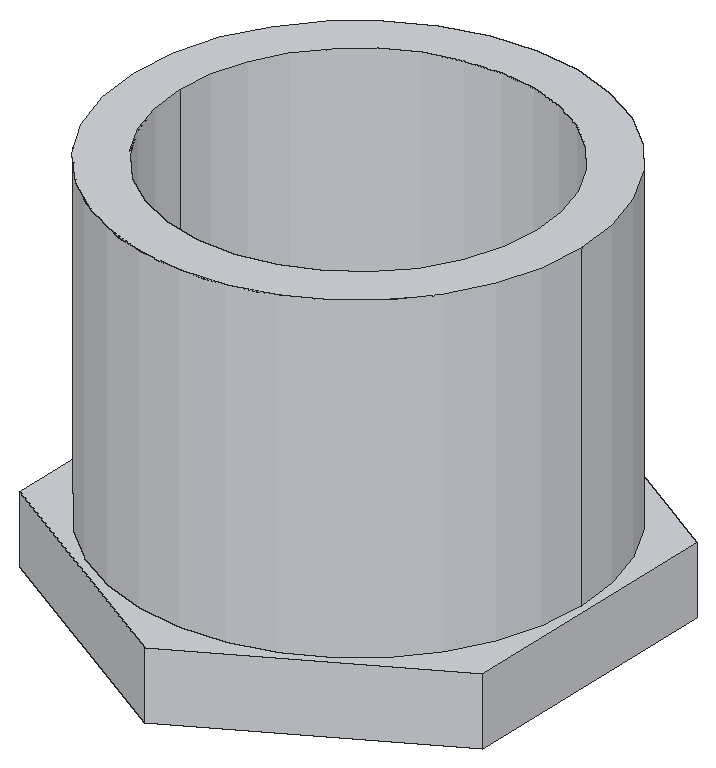
Revit family "HR1G", category Electrical Equipment, Revit 2017
Family settings
  Round Connector Dimension = Use Diameter
  Part Type = Panelboard
  Work Plane-Based = Yes
  Always vertical = No
  Cut with Voids When Loaded = No
  Shared = No
  Room Calculation Point = No
Parameters (values of type "NBS Standard Parameters")
  Weight = "0.017Kg"
  WarrantyStartDate [instance] = "1900-12-31T23:59:59"
  WarrantyGuarantorParts = "n/a"
  WarrantyGuarantorLabor = "n/a"
  WarrantyDurationUnit = "1 year"
  WarrantyDurationParts = "n/a"
  WarrantyDurationLabor = "n/a"
  WarrantyDescription = "n/a"
  Version = "1"
  Uniclass2 = "Pr_65_70_11_20"
  TagNumber [instance] = "n/a"
  SustainabilityPerformance = "n/a"
  Size = "20mm"
  Shape = "Circular"
  SerialNumber [instance] = "n/a"
  Revision = "n/a"
  ReplacementCost = "n/a"
  ProductInformation = "www.metpro.co.uk/pdf/hr1g.pdf"
  NominalWidth = 20.6 mm
  NominalLength = 20.6 mm
  NominalHeight = 17.3 mm
  Name = ""
  NBSTypeID = ""
  NBSReference = "90-55-10/460"
  NBSOfficeMasterTag = ""
  NBSNote = ""
  NBSDescription = "Conduit Fittings"
  NBSCertification = ""
  ModelReference = "HR1G"
  ModelNumber = "n/a"
  Material = "Mild Steel"
  ManufacturerURL = "www.metpro.co.uk"
  ManufacturerName = "Metpro Ltd"
  Keynote = "Compliant to LU Standard 1-085"
  InstallationDate [instance] = "1900-12-31T23:59:59"
  IfcExportType = ""
  IfcExportAs = ""
  Grade = "n/a"
  Finish = "BZP"
  Features = "n/a"
  ExpectedLife = "n/a"
  DurationUnit = "year"
  Description = "HR1G  20 - 16mm Conduit Reducer"
  Default Elevation = 1219.2 mm
  Constituents = "n/a"
  Color = "n/a"
  CodePerformance = "n/a"
  Category = "n/a"
  BarCode [instance] = "n/a"
  BIMObjectName = "Metpro_Metprolibrary_Conduitfittings_Metalcomponents_Steelaccessories"
  Author = "Metpro Limited"
  AssetType = ""
  AssetIdentifier [instance] = "n/a"
  AccessibilityPerformance = "n/a"
Reference planes
  plane 1 "Center (Front/Back)": y = 0
  plane 2: z = 0
  plane 3 "Center (Left/Right)": x = 0
Forms (mm)
  Extrusion 1, solid
    sketch origin (-11.449, -7.188, 21.419) x (0, -1, 0) y (1, 0, 0)
      loop
        line (-8.691, 9.863) -> (-14.665, -0.483) -> (-8.691, -10.829) -> (3.256, -10.829) -> (9.229, -0.483) -> (3.256, 9.863) -> (-8.691, 9.863)
      loop
        circle (-2.718, -0.483) r 8
    from 0 to 3
  Extrusion 2, solid
    sketch origin (-11.449, -7.188, 21.419) x (0, -1, 0) y (1, 0, 0)
      loop
        circle (-2.718, -0.483) r 8
      loop
        circle (-2.718, -0.483) r 10
    from 1.392 to 17.3
Dimensions and locks
  aligned and locked: level to plane 2
